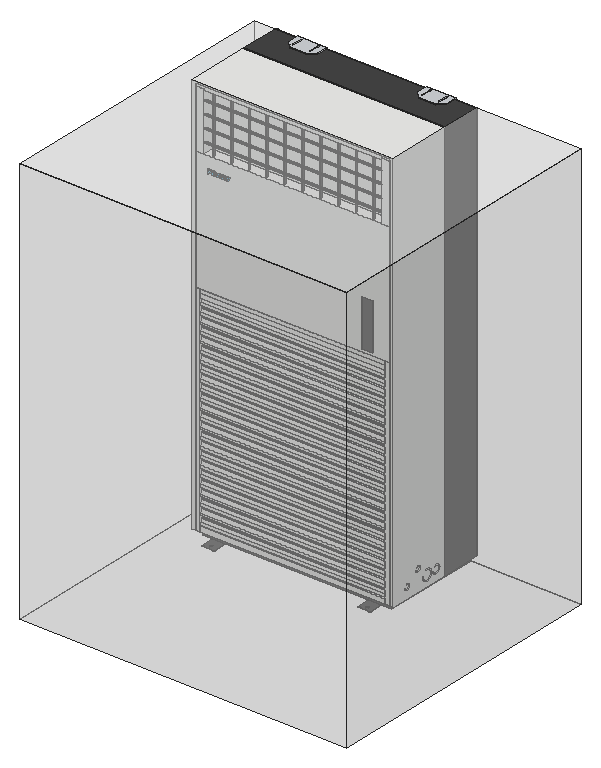
Revit family "outputfile", category 機械設備, Revit 2024 (continued)
Definition of nested family "daikin_logo_elevation_w100"
  Automatic sketch dimensions
    curve 20 to curve 47 = 2.942 mm
    curve 45 to curve 44 = 5.001 mm
    curve 44 to curve 44 = 0.799 mm
    curve 46 to curve 49 = 4.159 mm
    curve 49 to curve 48 = 0.842 mm
    curve 44 to curve 53 = 3.236 mm
    curve 48 to curve 52 = 2.607 mm
    curve 47 to curve 49 = 3.236 mm
    curve 43 to curve 53 = 6.178 mm
    curve 52 to curve 39 = 1.177 mm
    curve 49 to curve 51 = 5.295 mm
    curve 50 to curve 41 = 2.353 mm
    curve 39 to curve 39 = 5.295 mm
    curve 41 to curve 40 = 5.001 mm
    curve 39 to curve 25 = 2.942 mm
    curve 40 to curve 26 = 2.942 mm
    curve 25 to curve 24 = 3.53 mm
    curve 26 to curve 33 = 2.251 mm
    curve 24 to curve 33 = 3.824 mm
    curve 26 to curve 27 = 5.589 mm
    curve 29 to plane 5 "right" = 5.321 mm
    curve 29 to curve 30 = 3.53 mm
    curve 31 to plane 5 "right" = 2.942 mm
    curve 60 to plane 7 = 22.055 mm
    curve 60 to curve 3 = 0.925 mm
    curve 60 to curve 37 = 5.329 mm
    curve 60 to curve 34 = 5.329 mm
    curve 32 to curve 34 = 0.0 mm
    curve 39 to curve 32 = 0.0 mm
    curve 43 to curve 39 = 0.0 mm
    curve 26 to curve 39 = 0.0 mm
    curve 23 to curve 34 = 0.0 mm
    curve 13 to curve 11 = 0.0 mm
    curve 44 to curve 43 = 0.0 mm
    curve 11 to curve 11 = 2.059 mm
    curve 38 to curve 17 = 2.353 mm
    curve 44 to curve 43 = 3.198 mm
    curve 31 to curve 29 = 4.604 mm
    curve 12 to curve 8 = 2.648 mm
    curve 4 to curve 2 = 9.244 mm
    curve 43 to curve 51 = 2.98 mm
    curve 2 to curve 5 = 1.639 mm
    curve 17 to curve 55 = 4.265 mm
    curve 28 to curve 24 = 2.046 mm
    curve 55 to curve 54 = 0.053 mm
    curve 55 to curve 58 = 0.311 mm
    curve 58 to curve 57 = 0.037 mm
    curve 57 to curve 56 = 0.364 mm
    curve 58 to curve 59 = 1.057 mm
    curve 8 to curve 9 = 3.53 mm
    curve 51 to curve 48 = 2.22 mm
    curve 54 to curve 18 = 2.447 mm
    curve 22 to curve 21 = 11.767 mm
    curve 46 to curve 20 = 0.0 mm
    curve 24 to curve 26 = 5.116 mm
    curve 49 to curve 47 = 0.0 mm
    curve 42 to curve 50 = 0.0 mm
    curve 9 to curve 16 = 3.53 mm
    curve 29 to curve 27 = 0.0 mm
    curve 18 to curve 37 = 2.648 mm
    curve 36 to curve 6 = 4.959 mm
    curve 36 to curve 4 = 4.959 mm
    curve 19 to curve 55 = 1.182 mm
    curve 59 to curve 60 = 1.138 mm
    curve 58 to curve 14 = 0.285 mm
    Extrusion 1 sketch curve to plane 4 "left" = 11.186 mm
    Extrusion 1 sketch curve to plane 7 = 10.247 mm
    Extrusion 2 sketch curve to plane 4 "left" = 22.981 mm
    Extrusion 2 sketch curve to plane 7 = 10.247 mm
    level to Extrusion 2 sketch curve = 3.87 mm
    Extrusion 2 sketch curve to plane 4 "left" = 11.186 mm
    Extrusion 3 sketch curve to plane 7 = 4.959 mm  (x5)
    Extrusion 3 sketch curve to plane 3 "Center (Left/Right)" = 20.602 mm
    level to Extrusion 3 sketch curve = 2.945 mm
    Extrusion 3 sketch curve to Extrusion 3 sketch curve = 0.787 mm  (x2)
    Extrusion 3 sketch curve to Extrusion 3 sketch curve = 5.884 mm
    Extrusion 3 sketch curve to Extrusion 3 sketch curve = 4.894 mm
    Extrusion 3 sketch curve to Extrusion 3 sketch curve = 1.138 mm
    Extrusion 3 sketch curve to Extrusion 3 sketch curve = 3.299 mm
    Extrusion 3 sketch curve to Extrusion 3 sketch curve = 2.072 mm
    Extrusion 3 sketch curve to Extrusion 3 sketch curve = 3.036 mm
    Extrusion 3 sketch curve to Extrusion 3 sketch curve = 1.057 mm
    Extrusion 3 sketch curve to Extrusion 3 sketch curve = 2.432 mm
    Extrusion 3 sketch curve to Extrusion 3 sketch curve = 0.311 mm
    Extrusion 3 sketch curve to Extrusion 3 sketch curve = 0.037 mm
    Extrusion 3 sketch curve to Extrusion 3 sketch curve = 8.825 mm
    Extrusion 3 sketch curve to plane 7 = 7.607 mm
    Extrusion 3 sketch curve to Extrusion 3 sketch curve = 1.879 mm
    Extrusion 3 sketch curve to Extrusion 3 sketch curve = 2.942 mm  (x5)
    Extrusion 3 sketch curve to Extrusion 3 sketch curve = 0.163 mm
    Extrusion 3 sketch curve to Extrusion 3 sketch curve = 0.152 mm
    Extrusion 3 sketch curve to Extrusion 3 sketch curve = 0.364 mm
    Extrusion 3 sketch curve to Extrusion 3 sketch curve = 1.182 mm
    Extrusion 3 sketch curve to Extrusion 3 sketch curve = 2.392 mm
    Extrusion 3 sketch curve to Extrusion 3 sketch curve = 0.348 mm
    Extrusion 3 sketch curve to Extrusion 3 sketch curve = 1.548 mm
    Extrusion 3 sketch curve to Extrusion 3 sketch curve = 0.188 mm
    Extrusion 3 sketch curve to Extrusion 3 sketch curve = 0.053 mm
    Extrusion 3 sketch curve to Extrusion 3 sketch curve = 2.353 mm  (x2)
    Extrusion 3 sketch curve to Extrusion 3 sketch curve = 5.979 mm
    Extrusion 3 sketch curve to Extrusion 3 sketch curve = 0.285 mm
    Extrusion 3 sketch curve to plane 3 "Center (Left/Right)" = 1.775 mm
    Extrusion 3 sketch curve to Extrusion 3 sketch curve = 3.056 mm
    plane 3 "Center (Left/Right)" to Extrusion 3 sketch curve = 0.578 mm
    Extrusion 3 sketch curve to plane 3 "Center (Left/Right)" = 4.717 mm
    Extrusion 3 sketch curve to Extrusion 3 sketch curve = 0.441 mm
    Extrusion 3 sketch curve to Extrusion 3 sketch curve = 2.059 mm  (x2)
    Extrusion 3 sketch curve to Extrusion 3 sketch curve = 4.633 mm
    Extrusion 3 sketch curve to Extrusion 3 sketch curve = 1.103 mm
    Extrusion 3 sketch curve to Extrusion 3 sketch curve = 1.177 mm  (x2)
    Extrusion 3 sketch curve to Extrusion 3 sketch curve = 3.53 mm  (x2)
    Extrusion 3 sketch curve to Extrusion 3 sketch curve = 1.418 mm
    Extrusion 3 sketch curve to Extrusion 3 sketch curve = 2.648 mm  (x2)
    plane 3 "Center (Left/Right)" to Extrusion 3 sketch curve = 4.991 mm
    Extrusion 3 sketch curve to Extrusion 3 sketch curve = 1.471 mm
    Extrusion 3 sketch curve to Extrusion 3 sketch curve = 5.001 mm  (x4)
    Extrusion 3 sketch curve to Extrusion 3 sketch curve = 0.0 mm  (x8)
    Extrusion 3 sketch curve to plane 7 = 8.328 mm
    Extrusion 3 sketch curve to Extrusion 3 sketch curve = 0.842 mm
    Extrusion 3 sketch curve to Extrusion 3 sketch curve = 3.236 mm  (x2)
    Extrusion 3 sketch curve to Extrusion 3 sketch curve = 5.295 mm  (x2)
    Extrusion 3 sketch curve to Extrusion 3 sketch curve = 2.607 mm
    Extrusion 3 sketch curve to Extrusion 3 sketch curve = 2.22 mm
    Extrusion 3 sketch curve to Extrusion 3 sketch curve = 4.707 mm
    Extrusion 3 sketch curve to Extrusion 3 sketch curve = 6.178 mm
    Extrusion 3 sketch curve to Extrusion 3 sketch curve = 2.436 mm
    Extrusion 3 sketch curve to Extrusion 3 sketch curve = 3.198 mm
    Extrusion 3 sketch curve to Extrusion 3 sketch curve = 5.589 mm
    Extrusion 3 sketch curve to plane 5 "right" = 5.321 mm
    Extrusion 3 sketch curve to Extrusion 3 sketch curve = 7.163 mm
    Extrusion 3 sketch curve to plane 5 "right" = 3.53 mm
    Extrusion 3 sketch curve to plane 5 "right" = 0.0 mm
    Extrusion 3 sketch curve to plane 5 "right" = 2.942 mm
    Extrusion 3 sketch curve to Extrusion 3 sketch curve = 4.604 mm
    Extrusion 3 sketch curve to Extrusion 3 sketch curve = 3.504 mm
    Extrusion 3 sketch curve to Extrusion 3 sketch curve = 2.251 mm
    Extrusion 3 sketch curve to Extrusion 3 sketch curve = 5.116 mm
Definition of nested family "daikin_unit monting plae"
  Parameters (values of type "daikin_unit monting plae")
    u = if(A = 1279.0 mm, 145.0 mm, if(A = 1129.0 mm, 145.0 mm, 108.0 mm))  # 108.0 mm
    show_fixedhole = yes
    material = none
    h_mountinghole = 1.5 mm  # constant formula
    h_antenna_mountinghole = Height + 1.0 mm - h_mountinghole  # 1946.5 mm
    W = 500.0 mm
    U = if(A = 1279.0 mm, 990.0 mm, if(A = 1129.0 mm, 840.0 mm, 743.0 mm))  # 743.0 mm
    Default Elevation = 0.0 mm
    Link_Nested Family = ""
    Height = 1947.0 mm
    A = 959.0 mm
  Reference planes
    plane 1 "Center (Front/Back)": y = 0
    plane 2: z = 0
    plane 3 "Center (Left/Right)": x = 0
    plane 4: x = -479.5
    plane 5: x = 479.5
    plane 6: y = 250
    plane 7: y = -250
    plane 8: x = -371.5
    plane 9: x = 371.5
    plane 10: y = -285.2
    plane 11: y = 309.8
    plane 12: y = 294.8
    plane 13: y = -270.2
  Forms (mm)
    Extrusion 1, solid
      sketch origin (-371.5, 305.04, 1200) x (0, 1, 0) y (0, 0, 1)
        loop
          line (-590.24, -1198.5) -> (-590.24, -1200) -> (-525.24, -1200) -> (-525.24, -1174) -> (-526.74, -1174) -> (-526.74, -1198.5) -> (-590.24, -1198.5)
        loop
          line (4.76, -1198.5) -> (-58.74, -1198.5) -> (-58.74, -1174) -> (-60.24, -1174) -> (-60.24, -1200) -> (4.76, -1200) -> (4.76, -1198.5)
      from -30 to 30
    Extrusion 2, solid
      sketch origin (371.5, 305.04, 1200) x (0, 1, 0) y (0, 0, 1)
        loop
          line (-525.24, -1200) -> (-525.24, -1174) -> (-526.74, -1174) -> (-526.74, -1198.5) -> (-590.24, -1198.5) -> (-590.24, -1200) -> (-525.24, -1200)
        loop
          line (4.76, -1198.5) -> (-58.74, -1198.5) -> (-58.74, -1174) -> (-60.24, -1174) -> (-60.24, -1200) -> (4.76, -1200) -> (4.76, -1198.5)
      from -30 to 30
    Extrusion 3, void
      sketch origin (0, 0, 0) x (1, 0, 0) y (0, 1, 0)
        loop
          circle (-371.5, 294.8) r 5.5
        loop
          circle (-371.5, -270.2) r 5.5
      from 0 to 2
    Extrusion 4, void
      sketch origin (0, 0, 0) x (1, 0, 0) y (0, 1, 0)
        loop
          circle (371.5, 294.8) r 5.5
        loop
          circle (371.5, -270.2) r 5.5
      from 0 to 2
  Cuts and joins
    Extrusion 3 cuts Extrusion 1
    Extrusion 4 cuts Extrusion 2
  Dimensions and locks
    equal spacing: plane 4, plane 3 "Center (Left/Right)", plane 5
    "A": plane 4 to plane 5
    equal spacing: plane 6, plane 1 "Center (Front/Back)", plane 7
    "W": plane 6 to plane 7
    "u": plane 4 to plane 8
    "U": plane 8 to plane 9
    locked: plane 7 to plane 10 at 35.2
    locked: plane 11 to plane 6 at 59.8
    locked: Extrusion 1 sketch curve to Extrusion 1 sketch curve at 65  (x2)
    locked: Extrusion 1 sketch curve to Extrusion 1 sketch curve at 26  (x2)
    locked: Extrusion 1 sketch curve to Extrusion 1 sketch curve at 1.5  (x4)
    locked: Extrusion 3 sketch curve to plane 10 at 15
    locked: plane 11 to Extrusion 3 sketch curve at 15
    locked: Extrusion 4 sketch curve to plane 10 at 15
    locked: plane 11 to Extrusion 4 sketch curve at 15
    locked: plane 13 to plane 10 at 15
    locked: plane 11 to plane 12 at 15
    aligned and locked: level to plane 2
    aligned and locked: plane 10 to Extrusion 1 sketch curve
    aligned and locked: plane 2 to Extrusion 1 sketch curve
    aligned and locked: Extrusion 2 sketch curve to Extrusion 1  (x12)
    aligned and locked: plane 8 to Extrusion 3 sketch curve  (x2)
    aligned and locked: plane 9 to Extrusion 4 sketch curve  (x2)
    aligned and locked: plane 8 to nested 1
    aligned and locked: nested 1 to plane 12
    aligned and locked: plane 9 to nested 4
    aligned and locked: nested 4 to plane 12
    aligned and locked: nested 3 to plane 13
    aligned and locked: plane 9 to nested 3
    aligned and locked: plane 8 to nested 2
    aligned and locked: nested 2 to plane 13
  Automatic sketch dimensions
    Extrusion 1 sketch curve to level = 0.0 mm
    Extrusion 1 sketch curve to plane 11 = 0.0 mm
    radius of Extrusion 3 sketch curve = 5.5 mm  (x2)
    radius of Extrusion 4 sketch curve = 5.5 mm  (x2)
  Nested families
    nested 1: "daikin_mountinghole" at (-371.5, 294.8, 0), l_antenna <- "h_antenna_mountinghole", h_mountinghole <- "h_mountinghole", visible <- "show_fixedhole", type "daikin_mountinghole"
      with show yes, l_antenna 1946.5 mm, h_mountinghole 1.5 mm, Link_Nested Family ""
    nested 2: "daikin_mountinghole" at (-371.5, -270.2, 0), l_antenna <- "h_antenna_mountinghole", h_mountinghole <- "h_mountinghole", visible <- "show_fixedhole", type "daikin_mountinghole"
      with show yes, l_antenna 1946.5 mm, h_mountinghole 1.5 mm, Link_Nested Family ""
    nested 3: "daikin_mountinghole" at (371.5, -270.2, 0), l_antenna <- "h_antenna_mountinghole", h_mountinghole <- "h_mountinghole", visible <- "show_fixedhole", type "daikin_mountinghole"
      with show yes, l_antenna 1946.5 mm, h_mountinghole 1.5 mm, Link_Nested Family ""
    nested 4: "daikin_mountinghole" at (371.5, 294.8, 0), l_antenna <- "h_antenna_mountinghole", h_mountinghole <- "h_mountinghole", visible <- "show_fixedhole", type "daikin_mountinghole"
      with show yes, l_antenna 1946.5 mm, h_mountinghole 1.5 mm, Link_Nested Family ""
  Definition of nested family "daikin_mountinghole"
    Parameters (values of type "daikin_mountinghole")
      Default Elevation = 1219.2 mm
      Type Comments = "mountinghole"
      show [instance] = yes
      material = none
      l_centerline = 100.0 mm
      l_antenna [instance] = 100.0 mm
      h_mountinghole [instance] = 0.0 mm
      d_circle = 30.0 mm
      Link_Nested Family [instance] = ""
    Reference planes
      plane 1 "Center (Front/Back)": y = 0
      plane 2: z = 0
      plane 3 "Center (Left/Right)": x = 0
      plane 4: y = 50
      plane 5: x = -50
      plane 6: x = 50
      plane 7: y = -50
      plane 8 "h_mountinghole": z = 0
      plane 9: z = 100
    Lines and regions (mm)
      model lines, detail levels fine
        curve 1: circle (0, 0, 0) r 15 normal (0, 0, 1)
        curve 2: line (-50, 0, 0) -> (50, 0, 0)
        curve 3: line (0, 50, 0) -> (0, -50, 0)
      symbolic lines, detail levels fine
        curve 4: circle (0, 0, 0) r 15 normal (0, 0, 1)
        curve 5: line (-50, 0, 0) -> (50, 0, 0)
        curve 6: line (0, 50, 0) -> (0, -50, 0)
      model lines
        curve 7: line (0, 0, 100) -> (0, 0, 0)
    Dimensions and locks
      equal spacing: plane 4, plane 1 "Center (Front/Back)", plane 7
      "l_centerline": plane 4 to plane 7
      equal spacing: plane 5, plane 3 "Center (Left/Right)", plane 6
      "l_centerline": plane 5 to plane 6
      "l_antenna": plane 9 to plane 8 "h_mountinghole"
      "h_mountinghole": plane 8 "h_mountinghole" to plane 2
      "d_circle": diameter of curve 1
      "d_circle": diameter of curve 4
      aligned and locked: level to plane 2
      aligned and locked: plane 1 "Center (Front/Back)" to curve 1
      aligned and locked: plane 3 "Center (Left/Right)" to curve 1
      aligned and locked: plane 1 "Center (Front/Back)" to curve 2
      aligned and locked: curve 3 to plane 3 "Center (Left/Right)"
      aligned and locked: plane 6 to curve 2
      aligned and locked: plane 5 to curve 2
      aligned and locked: plane 4 to curve 3
      aligned and locked: plane 7 to curve 3
      aligned and locked: plane 1 "Center (Front/Back)" to curve 4
      aligned and locked: plane 3 "Center (Left/Right)" to curve 4
      aligned and locked: plane 6 to curve 5
      aligned and locked: plane 5 to curve 5
      aligned and locked: plane 1 "Center (Front/Back)" to curve 5
      aligned and locked: plane 4 to curve 6
      aligned and locked: plane 7 to curve 6
      aligned and locked: curve 6 to plane 3 "Center (Left/Right)"
      aligned and locked: curve 7 to plane 3 "Center (Left/Right)"
      aligned and locked: plane 9 to curve 7
      aligned and locked: plane 8 "h_mountinghole" to curve 7
Definition of nested family "daikin_wall monting plae"
  Parameters (values of type "daikin_wall monting plae")
    material = none
    U = if(A = 1279.0 mm, 950.0 mm, if(A = 1129.0 mm, 785.0 mm, 615.0 mm))  # 615.0 mm
    Default Elevation = 0.0 mm
    Link_Nested Family = ""
    A = 959.0 mm
  Reference planes
    plane 1 "Center (Front/Back)": y = 0
    plane 2: z = 0
    plane 3 "Center (Left/Right)": x = 0
    plane 4: x = -479.5
    plane 5: x = 479.5
    plane 6: x = -307.5
    plane 7: x = 307.5
    plane 8: z = -20
    plane 9: z = -20
  Forms (mm)
    Extrusion 1, solid
      sketch origin (-307.5, 305.04, 1200) x (0, 1, 0) y (0, 0, 1)
        loop
          line (-386.04, -1197) -> (-386.04, -1200) -> (-305.04, -1200) -> (-305.04, -1241) -> (-302.04, -1241) -> (-302.04, -1197) -> (-386.04, -1197)
      from -70 to 70
    Extrusion 2, solid
      sketch origin (307.5, 305.04, 1200) x (0, 1, 0) y (0, 0, 1)
        loop
          line (-302.04, -1241) -> (-302.04, -1197) -> (-386.04, -1197) -> (-386.04, -1200) -> (-305.04, -1200) -> (-305.04, -1241) -> (-302.04, -1241)
      from -70 to 70
    Extrusion 3, void
      sketch origin (0, 0, 0) x (1, 0, 0) y (0, 1, 0)
        loop
          line (-377.5, -51) -> (-377.5, -81) -> (-347.5, -81) -> (-377.5, -51)
        loop
          line (-237.5, -81) -> (-237.5, -51) -> (-267.5, -81) -> (-237.5, -81)
        loop
          line (-344, -56) -> (-344, -13)
          arc (-344, -13) -> (-347.5, -9.5) -> (-351, -13) r 3.5
          line (-351, -13) -> (-351, -56)
          arc (-351, -56) -> (-347.5, -59.5) -> (-344, -56) r 3.5
        loop
          arc (-271, -56) -> (-267.5, -59.5) -> (-264, -56) r 3.5
          line (-264, -56) -> (-264, -13)
          arc (-264, -13) -> (-267.5, -9.5) -> (-271, -13) r 3.5
          line (-271, -13) -> (-271, -56)
      from 0 to 5
    Extrusion 4, void
      sketch origin (0, 0, 0) x (-1, 0, 0) y (0, -1, 0)
        loop
          line (-377.5, 51) -> (-347.5, 81) -> (-377.5, 81) -> (-377.5, 51)
        loop
          line (-237.5, 81) -> (-267.5, 81) -> (-237.5, 51) -> (-237.5, 81)
        loop
          arc (-264, 56) -> (-267.5, 59.5) -> (-271, 56) r 3.5
          line (-271, 56) -> (-271, 13)
          arc (-271, 13) -> (-267.5, 9.5) -> (-264, 13) r 3.5
          line (-264, 13) -> (-264, 56)
        loop
          line (-351, 56) -> (-351, 13)
          arc (-351, 13) -> (-347.5, 9.5) -> (-344, 13) r 3.5
          line (-344, 13) -> (-344, 56)
          arc (-344, 56) -> (-347.5, 59.5) -> (-351, 56) r 3.5
      from 0 to 5
    Extrusion 5, void
      sketch origin (0, 0, 0) x (1, 0, 0) y (0, 0, 1)
        loop
          arc (-311, -25) -> (-307.5, -28.5) -> (-304, -25) r 3.5
          line (-304, -25) -> (-304, -15)
          arc (-304, -15) -> (-307.5, -11.5) -> (-311, -15) r 3.5
          line (-311, -15) -> (-311, -25)
        loop
          arc (-289.5, -16.5) -> (-293, -20) -> (-289.5, -23.5) r 3.5
          line (-289.5, -23.5) -> (-250.5, -23.5)
          arc (-250.5, -23.5) -> (-247, -20) -> (-250.5, -16.5) r 3.5
          line (-250.5, -16.5) -> (-289.5, -16.5)
        loop
          arc (-364.5, -16.5) -> (-368, -20) -> (-364.5, -23.5) r 3.5
          line (-364.5, -23.5) -> (-325.5, -23.5)
          arc (-325.5, -23.5) -> (-322, -20) -> (-325.5, -16.5) r 3.5
          line (-325.5, -16.5) -> (-364.5, -16.5)
      from 0 to -5
    Extrusion 6, void
      sketch origin (615, 0, 0) x (1, 0, 0) y (0, 0, 1)
        loop
          arc (-311, -25) -> (-307.5, -28.5) -> (-304, -25) r 3.5
          line (-304, -25) -> (-304, -15)
          arc (-304, -15) -> (-307.5, -11.5) -> (-311, -15) r 3.5
          line (-311, -15) -> (-311, -25)
        loop
          arc (-289.5, -16.5) -> (-293, -20) -> (-289.5, -23.5) r 3.5
          line (-289.5, -23.5) -> (-250.5, -23.5)
          arc (-250.5, -23.5) -> (-247, -20) -> (-250.5, -16.5) r 3.5
          line (-250.5, -16.5) -> (-289.5, -16.5)
        loop
          arc (-364.5, -16.5) -> (-368, -20) -> (-364.5, -23.5) r 3.5
          line (-364.5, -23.5) -> (-325.5, -23.5)
          arc (-325.5, -23.5) -> (-322, -20) -> (-325.5, -16.5) r 3.5
          line (-325.5, -16.5) -> (-364.5, -16.5)
      from 0 to -5
  Cuts and joins
    Extrusion 3, Extrusion 4, Extrusion 5, Extrusion 6 cuts Extrusion 1
    Extrusion 4, Extrusion 6 cuts Extrusion 2
  Dimensions and locks
    equal spacing: plane 4, plane 3 "Center (Left/Right)", plane 5
    "A": plane 4 to plane 5
    "U": plane 6 to plane 7
    equal spacing: plane 6, plane 3 "Center (Left/Right)", plane 7
    locked: Extrusion 1 sketch curve to Extrusion 1 sketch curve at 84
    locked: Extrusion 1 sketch curve to Extrusion 1 sketch curve at 44
    locked: Extrusion 1 sketch curve to Extrusion 1 sketch curve at 3  (x2)
    Extrusion 3 sketch curve to Extrusion 3 sketch curve = 30.0 mm
    locked: Extrusion 3 sketch curve to Extrusion 3 sketch curve at 30  (x3)
    locked: Extrusion 3 sketch curve to Extrusion 3 sketch curve at 7  (x2)
    Extrusion 3 sketch curve to plane 6 to Extrusion 3 sketch curve = 36.5 mm locked, 36.5 mm locked
    Extrusion 3 sketch curve to Extrusion 3 sketch curve to plane 1 "Center (Front/Back)" = 43.0 mm locked, 13.0 mm locked  (x2)
    locked: Extrusion 4 sketch curve to Extrusion 4 sketch curve at 30  (x4)
    locked: Extrusion 4 sketch curve to Extrusion 4 sketch curve at 7  (x2)
    locked: Extrusion 4 sketch curve to Extrusion 4 sketch curve at 43  (x2)
    Extrusion 4 sketch curve to plane 7 to Extrusion 4 sketch curve = 36.5 mm locked, 36.5 mm locked
    locked: Extrusion 4 sketch curve to plane 1 "Center (Front/Back)" at 13  (x2)
    locked: Extrusion 5 sketch curve to Extrusion 5 sketch curve at 7  (x2)
    equal spacing: Extrusion 5 sketch curve, plane 6, Extrusion 5 sketch curve
    plane 2 to Extrusion 5 sketch curve to Extrusion 5 sketch curve = 15.0 mm locked, 10.0 mm locked
    locked: plane 2 to plane 8 at 20
    equal spacing: Extrusion 5 sketch curve, plane 8, Extrusion 5 sketch curve
    locked: Extrusion 5 sketch curve to plane 6 at 18
    locked: plane 6 to Extrusion 5 sketch curve at 18
    locked: plane 6 to Extrusion 5 sketch curve at 57
    locked: Extrusion 5 sketch curve to plane 6 at 57
    locked: Extrusion 6 sketch curve to Extrusion 6 sketch curve at 10
    locked: Extrusion 6 sketch curve to Extrusion 6 sketch curve at 7  (x2)
    equal spacing: Extrusion 6 sketch curve, plane 9, Extrusion 6 sketch curve
    locked: plane 2 to Extrusion 6 sketch curve at 15
    equal spacing: Extrusion 6 sketch curve, plane 7, Extrusion 6 sketch curve
    Extrusion 6 sketch curve to plane 7 to Extrusion 6 sketch curve = 18.0 mm locked, 18.0 mm locked
    locked: Extrusion 6 sketch curve to Extrusion 6 sketch curve at 39  (x2)
    locked: Extrusion 3 sketch curve to Extrusion 3 sketch curve (angle 45.00°)  (x2)
    locked: Extrusion 4 sketch curve to Extrusion 4 sketch curve (angle 45.00°)  (x2)
    aligned and locked: level to plane 2
    aligned and locked: plane 2 to Extrusion 1 sketch curve
    aligned and locked: Extrusion 1 sketch curve to plane 1 "Center (Front/Back)"
    aligned and locked: Extrusion 2 sketch curve to Extrusion 1  (x6)
    aligned and locked: Extrusion 1 to Extrusion 3 sketch curve
    aligned and locked: Extrusion 3 sketch curve to Extrusion 1  (x2)
    aligned and locked: Extrusion 4 sketch curve to Extrusion 2  (x4)
    aligned and locked: plane 6 to Extrusion 5 sketch curve  (x2)
    aligned and locked: Extrusion 5 sketch curve to Extrusion 5 sketch curve  (x2)
    aligned and locked: Extrusion 6 sketch curve to Extrusion 6 sketch curve  (x2)
  Automatic sketch dimensions
    Extrusion 3 sketch curve to Extrusion 3 sketch curve = 25.0 mm
Definition of nested family "daikin_mountinghole"
  Parameters (values of type "daikin_mountinghole")
    Default Elevation = 1219.2 mm
    Type Comments = "mountinghole"
    show [instance] = yes
    material = none
    l_centerline = 100.0 mm
    l_antenna [instance] = 100.0 mm
    h_mountinghole [instance] = 0.0 mm
    d_circle = 30.0 mm
    Link_Nested Family [instance] = ""
  Reference planes
    plane 1 "Center (Front/Back)": y = 0
    plane 2: z = 0
    plane 3 "Center (Left/Right)": x = 0
    plane 4: y = 50
    plane 5: x = -50
    plane 6: x = 50
    plane 7: y = -50
    plane 8 "h_mountinghole": z = 0
    plane 9: z = 100
  Lines and regions (mm)
    model lines, detail levels fine
      curve 1: circle (0, 0, 0) r 15 normal (0, 0, 1)
      curve 2: line (-50, 0, 0) -> (50, 0, 0)
      curve 3: line (0, 50, 0) -> (0, -50, 0)
    symbolic lines, detail levels fine
      curve 4: circle (0, 0, 0) r 15 normal (0, 0, 1)
      curve 5: line (-50, 0, 0) -> (50, 0, 0)
      curve 6: line (0, 50, 0) -> (0, -50, 0)
    model lines
      curve 7: line (0, 0, 100) -> (0, 0, 0)
  Dimensions and locks
    equal spacing: plane 4, plane 1 "Center (Front/Back)", plane 7
    "l_centerline": plane 4 to plane 7
    equal spacing: plane 5, plane 3 "Center (Left/Right)", plane 6
    "l_centerline": plane 5 to plane 6
    "l_antenna": plane 9 to plane 8 "h_mountinghole"
    "h_mountinghole": plane 8 "h_mountinghole" to plane 2
    "d_circle": diameter of curve 1
    "d_circle": diameter of curve 4
    aligned and locked: level to plane 2
    aligned and locked: plane 1 "Center (Front/Back)" to curve 1
    aligned and locked: plane 3 "Center (Left/Right)" to curve 1
    aligned and locked: plane 1 "Center (Front/Back)" to curve 2
    aligned and locked: curve 3 to plane 3 "Center (Left/Right)"
    aligned and locked: plane 6 to curve 2
    aligned and locked: plane 5 to curve 2
    aligned and locked: plane 4 to curve 3
    aligned and locked: plane 7 to curve 3
    aligned and locked: plane 1 "Center (Front/Back)" to curve 4
    aligned and locked: plane 3 "Center (Left/Right)" to curve 4
    aligned and locked: plane 6 to curve 5
    aligned and locked: plane 5 to curve 5
    aligned and locked: plane 1 "Center (Front/Back)" to curve 5
    aligned and locked: plane 4 to curve 6
    aligned and locked: plane 7 to curve 6
    aligned and locked: curve 6 to plane 3 "Center (Left/Right)"
    aligned and locked: curve 7 to plane 3 "Center (Left/Right)"
    aligned and locked: plane 9 to curve 7
    aligned and locked: plane 8 "h_mountinghole" to curve 7
Definition of nested family "daikin_connector_rotate3"
  Parameters (values of type "*")
    Default Elevation = 1219.2 mm
    show_line = yes
    show_circle = yes
    show_face = yes
    radius [instance] = 10.0 mm
    length [instance] = 600.0 mm
    angle_horizontal [instance] = 60.00°
    angle_vertical [instance] = 90.00°
  Reference planes
    plane 1 "Center (Front/Back)": y = 0
    plane 2: z = 0
    plane 3 "Center (Left/Right)": x = 0
  Dimensions and locks
    "angle_horizontal": angle plane 3 "Center (Left/Right)" to nested 1
    aligned and locked: level to plane 2
    aligned and locked: plane 1 "Center (Front/Back)" to nested 1  (x2)
    aligned and locked: plane 3 "Center (Left/Right)" to nested 1
  Nested families
    nested 1: "daikin_connector_rotate2" at (0, 0, 0) x (0.5, 0.866, 0) z (0, 0, 1), angle_vertical <- "angle_vertical", length <- "length", radius <- "radius", type "daikin_connector_rotate2"
      with radius 10.0 mm, length 600.0 mm, angle_vertical 90.00°, Default Elevation 0.0 mm
  Definition of nested family "daikin_connector_rotate2"
    Parameters (values of type "daikin_connector_rotate2")
      Default Elevation = 1219.2 mm
      show_line = yes
      show_face = yes
      show_circle = yes
      radius [instance] = 10.0 mm
      length [instance] = 600.0 mm
      d_surface = 10.0 mm
      angle_vertical [instance] = 90.00°
    Reference planes
      plane 1 "Center (Front/Back)": y = 0
      plane 2: z = 0
      plane 3 "Center (Left/Right)": x = 0
    Forms (mm)
      Extrusion 1, solid, visible <- "show_face"
        sketch origin (0, -600, 0) x (1, 0, 0) y (0, 0, 1)
          loop
            circle (0, 0) r 10
        from 0 to -10
    Lines and regions (mm)
      reference lines
        curve 1: line (0, 0, 0) -> (0, -600, 0)
      symbolic lines, visible <- "show_circle"
        curve 2: circle (0, 0, 0) r 5 normal (0, 0, 1)
      model lines, visible <- "show_line"
        curve 3: line (0, 0, 0) -> (0, -600, 0)
    Dimensions and locks
      "length": curve 1 to curve 1
      "length": curve 3 to curve 3
      "d_surface": Extrusion 1 to Extrusion 1
      "radius": radius of Extrusion 1 sketch curve
      "angle_vertical": angle curve 1 to plane 1 "Center (Front/Back)"
      "angle_vertical": angle curve 3 to plane 1 "Center (Front/Back)"
      aligned and locked: level to plane 2
      aligned and locked: plane 1 "Center (Front/Back)" to curve 1
      aligned and locked: plane 2 to curve 1
      aligned and locked: plane 1 "Center (Front/Back)" to curve 2
      aligned and locked: plane 3 "Center (Left/Right)" to curve 2
      aligned and locked: plane 1 "Center (Front/Back)" to curve 3
      aligned and locked: plane 2 to curve 3
      aligned and locked: Extrusion 1 to Extrusion 1
    Automatic sketch dimensions
      Extrusion 1 sketch curve to level = 0.0 mm
      Extrusion 1 sketch curve to plane 3 "Center (Left/Right)" = 0.0 mm
      radius of curve 2 = 5.0 mm
